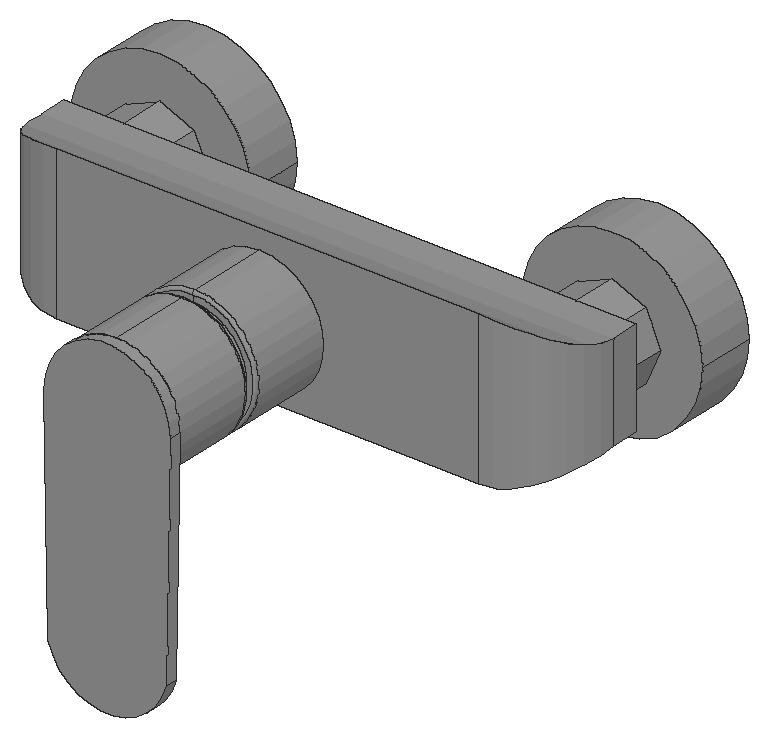
Revit family "RECEP URBAN", category Plumbing Fixtures, Revit 2019
Family settings
  Round Connector Dimension = Use Diameter
  Part Type = Normal
  OmniClass Number = 23.45.00.00
  OmniClass Title = Sanitary, Laundry, and Cleaning Equipment
  Work Plane-Based = No
  Always vertical = Yes
  Cut with Voids When Loaded = No
  Shared = No
  Room Calculation Point = No
Reference planes
  plane 1 "Center (Front/Back)": y = 0
  plane 2: z = 0
  plane 3 "Center (Left/Right)": x = 0
Forms (mm)
  Extrusion 1, solid
    sketch origin (0, 0, 0) x (1, 0, 0) y (0, 0, 1)
      loop
        circle (0, 0) r 30
      loop
        circle (150, 0) r 30
    from 0 to 19
  Extrusion 2, solid
    sketch origin (0, 0, 0) x (1, 0, 0) y (0, 0, 1)
      loop
        line (11.314, 11.314) -> (0, 16) -> (-11.314, 11.314) -> (-16, 0) -> (-11.314, -11.314) -> (0, -16) -> (11.314, -11.314) -> (16, 0) -> (11.314, 11.314)
      loop
        line (150, 16) -> (138.686, 11.314) -> (134, 0) -> (138.686, -11.314) -> (150, -16) -> (161.314, -11.314) -> (166, 0) -> (161.314, 11.314) -> (150, 16)
    from 19 to 34
  Extrusion 3, solid
    sketch origin (0, -47, 56.372) x (0, -1, 0) y (1, 0, 0)
      loop
        arc (-3.743, -20) -> (13.934, -12.678) -> (21.257, 5) r 25
        line (21.257, 5) -> (21.257, 145)
        arc (21.257, 145) -> (13.934, 162.678) -> (-3.743, 170) r 25
        line (-3.743, 170) -> (-13, 170) -> (-13, -20) -> (-3.743, -20)
    from -81.67 to -31.073
  Revolve 4, solid
    sketch origin (72.511, -50.5, 67.872) x (0, 0, 1) y (0, -1, 0)
      loop
        line (-70, 13.547) -> (-70, 77.122) -> (-91, 77.122) -> (-91, 49.998)
        arc (-91, 49.998) -> (-90.708, 49.292) -> (-90.002, 49) r 0.998
        line (-90.002, 49) -> (-85.735, 49)
        arc (-85.735, 49) -> (-87.216, 47.522) -> (-87.756, 45.5) r 4.029
        line (-87.756, 45.5) -> (-89.991, 45.5)
        arc (-89.991, 45.5) -> (-90.704, 45.204) -> (-91, 44.491) r 1.009
        line (-91, 44.491) -> (-91, 13.547) -> (-70, 13.547)
      axis (-70, 13.547) -> (-70, 77.122)
    angle from 0 to 360
  Extrusion 5, solid
    sketch origin (0, -50.5, 62.872) x (1, 0, 0) y (0, 0, 1)
      loop
        line (51.511, -65) -> (52.803, -139.002)
        arc (52.803, -139.002) -> (72.511, -154) -> (92.22, -139.002) r 20.448
        line (92.22, -139.002) -> (93.511, -65)
        arc (93.511, -65) -> (72.511, -44) -> (51.511, -65) r 21
    from 77.122 to 81.081
  Extrusion 6, void
    sketch origin (0, 0, 0) x (0, 1, 0) y (0, 0, 1)
      loop
        arc (-34, -16) -> (-51.89, -17.844) -> (-68.257, -25.299) r 55.634
        line (-68.257, -25.299) -> (-34, -25.299) -> (-34, -16)
      loop
        line (-34, 16) -> (-34, 25.299) -> (-68.257, 25.299)
        arc (-68.257, 25.299) -> (-52.071, 17.178) -> (-34, 16) r 45.584
    from -20 to 170
Cuts and joins
  Extrusion 6 cuts Extrusion 3
  Extrusion 6 cuts Revolve 4
  joined: Extrusion 3, Revolve 4
Dimensions and locks
  aligned and locked: level to plane 2
